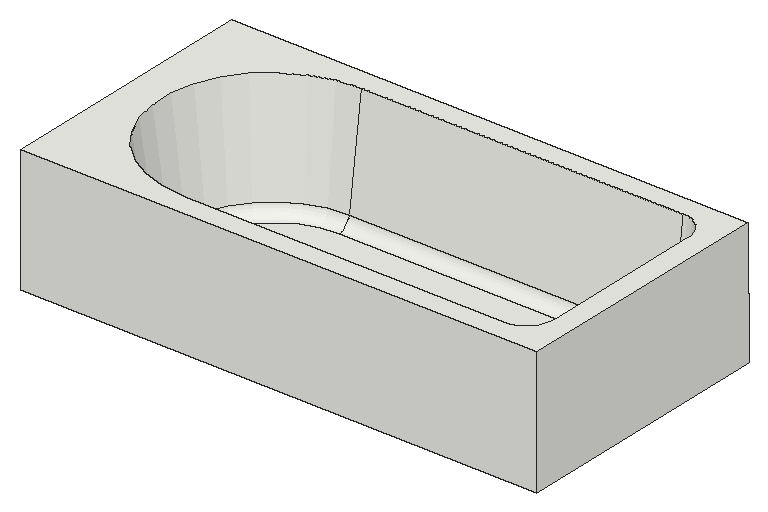
Revit family
Parameters (values of type "1475 x 755mm")
  Width = 755 mm
  Tub Material = Porcelain
  Manufacturer = "Revit"
  Length = 1475 mm
  Assembly Code = ""
Types (4, lengths in mm): name | Width | Length | Assembly Code
  (no name) | 755 | 1475 | ""
  1675 x 915 mm | 915 | 1675 | ""
  1475 x 755mm | 755 | 1475 | ""
  1575 x 815mm | 815 | 1575 | "D2010510"
Reference planes
  plane 1 "Center (Front/Back)": y = 0
  plane 2: z = 0
  plane 3 "Center (Left/Right)": x = 0
  plane 4: x = -737.5
  plane 5: x = 737.5
  plane 6: y = 377.5
  plane 7: y = -377.5
Forms (mm)
  Extrusion 1, solid, material "Porcelain"
    sketch origin (0, 0, -340) x (1, 0, 0) y (0, 1, 0)
      loop
        line (-737.5, 377.5) -> (-737.5, -377.5) -> (737.5, -377.5) -> (737.5, 377.5) -> (-737.5, 377.5)
      loop
        line (597.5, 317.5) -> (-320, 317.5)
        arc (-320, 317.5) -> (-637.5, 0) -> (-320, -317.5) r 317.5
        line (-320, -317.5) -> (597.5, -317.5)
        arc (597.5, -317.5) -> (654.069, -294.069) -> (677.5, -237.5) r 80
        line (677.5, -237.5) -> (677.5, 237.5)
        arc (677.5, 237.5) -> (654.069, 294.069) -> (597.5, 317.5) r 80
    from 340 to 700
  Extrusion 2, solid, material "Porcelain"
    sketch origin (0, 0, -340) x (1, 0, 0) y (0, 1, 0)
      loop
        line (-737.5, 377.5) -> (-737.5, -377.5) -> (737.5, -377.5) -> (737.5, 377.5) -> (-737.5, 377.5)
    from 340 to 360
  Sweep 3, solid, material "Porcelain"
    path origin (0, 0, 0) x (1, 0, 0) y (0, 1, 0)
      loop
        line (597.5, 317.5) -> (-320, 317.5)
        arc (-320, 317.5) -> (-637.5, 0) -> (-320, -317.5) r 317.5
        line (-320, -317.5) -> (597.5, -317.5)
        arc (597.5, -317.5) -> (654.069, -294.069) -> (677.5, -237.5) r 80
        line (677.5, -237.5) -> (677.5, 237.5)
        arc (677.5, 237.5) -> (654.069, 294.069) -> (597.5, 317.5) r 80
    profile origin (138.75, 0, 0) x (0, -1, 0) y (0, 0, 1)
      loop
        line (-317.5, 20) -> (-239.626, 20)
        arc (-239.626, 20) -> (-262.748, 30.453) -> (-274.356, 53.017) r 38.532
        line (-274.356, 53.017) -> (-317.5, 360) -> (-317.5, 20)
  Extrusion 4, void
    sketch origin (0, 0, 0) x (1, 0, 0) y (0, 1, 0)
      loop
        circle (501.834, 0) r 30
    from 0 to 100
Cuts and joins
  Extrusion 4 cuts Extrusion 1
  Extrusion 4 cuts Extrusion 2
  Extrusion 4 cuts Sweep 3
  joined: Extrusion 1, Extrusion 2, Sweep 3
Lines and regions (mm)
  symbolic lines
    curve 1: line (-737.5, 377.5, 0) -> (737.5, 377.5, 0)
    curve 2: line (-737.5, -377.5, 0) -> (-737.5, 377.5, 0)
    curve 3: line (737.5, -377.5, 0) -> (-737.5, -377.5, 0)
    curve 4: line (737.5, 377.5, 0) -> (737.5, -377.5, 0)
    curve 5: line (597.5, 317.5, 0) -> (-320, 317.5, 0)
    curve 6: line (597.5, -317.5, 0) -> (-320, -317.5, 0)
    curve 7: line (677.5, 237.5, 0) -> (677.5, -237.5, 0)
    curve 8: arc (482.322, 22.788, 0) -> (521.309, -22.819, 0) -> (482.394, 22.849, 0) r 30
    curve 9: arc (-320, 317.5, 0) -> (-637.5, 0, 0) -> (-320, -317.5, 0) r 317.5
    curve 10: arc (597.5, 317.5, 0) -> (654.069, 294.069, 0) -> (677.5, 237.5, 0) r 80
    curve 11: arc (677.5, -237.5, 0) -> (654.069, -294.069, 0) -> (597.5, -317.5, 0) r 80
  model lines
    curve 12: line (737.5, 377.5, 0) -> (-737.5, 377.5, 0)
Dimensions and locks
  equal spacing: plane 4, plane 3 "Center (Left/Right)", plane 5
  "Length": plane 4 to plane 5
  equal spacing: plane 7, plane 1 "Center (Front/Back)", plane 6
  "Width": plane 7 to plane 6
  locked: curve 5 to curve 1 at 60
  locked: curve 6 to curve 3 at 60
  locked: curve 2 to curve 9 at 100
  locked: cut or joined group of Extrusion 1, Extrusion 2, Sweep 3, Extrusion 4 to Extrusion 1 sketch curve at 100
  aligned and locked: Extrusion 2 to level
  aligned and locked: Extrusion 1 to level
  aligned and locked: plane 4 to Extrusion 1
  aligned and locked: Sweep 3 sketch curve to curve 9
  aligned and locked: Sweep 3 sketch curve to curve 11
  aligned and locked: Sweep 3 sketch curve to curve 10
  aligned and locked: Extrusion 4 sketch curve to curve 8
Automatic sketch dimensions
  Extrusion 1 sketch curve to plane 4 = 0 mm
  Extrusion 1 sketch curve to plane 5 = 0 mm
  Extrusion 1 sketch curve to plane 7 = 0 mm
  Extrusion 1 sketch curve to plane 6 = 0 mm
  Extrusion 2 sketch curve to plane 4 = 0 mm
  Extrusion 2 sketch curve to plane 5 = 0 mm
  Extrusion 2 sketch curve to plane 7 = 0 mm
  Extrusion 2 sketch curve to plane 6 = 0 mm
  curve 3 to plane 4 = 0 mm
  curve 9 to plane 1 "Center (Front/Back)" = 0 mm
  curve 8 to plane 1 "Center (Front/Back)" = 0 mm
  curve 1 to plane 5 = 0 mm
  curve 4 to plane 7 = 0 mm
  curve 8 to plane 5 = 235.666 mm
  curve 6 to plane 5 = 140 mm
  curve 5 to plane 5 = 140 mm
  curve 10 to plane 5 = 60 mm
  Extrusion 1 sketch curve to plane 1 "Center (Front/Back)" = 0 mm
  plane 6 to Extrusion 1 sketch curve = 60 mm
  Extrusion 1 sketch curve to plane 5 = 140 mm
  Extrusion 1 sketch curve to plane 5 = 60 mm
  Extrusion 1 sketch curve to Extrusion 1 sketch curve = 80 mm
  Sweep 3 sketch curve to profile plane = 0 mm
  Sweep 3 sketch curve to profile plane = 43.144 mm
  level to Sweep 3 sketch curve = 20 mm
  Sweep 3 sketch curve to Sweep 3 sketch curve = 34.731 mm
  Sweep 3 sketch curve to Sweep 3 sketch curve = 38.157 mm
  Sweep 3 sketch curve to Sweep 3 sketch curve = 33.017 mm
  Sweep 3 sketch curve to Sweep 3 sketch curve = 306.983 mm
  radius of curve 8 = 30 mm
